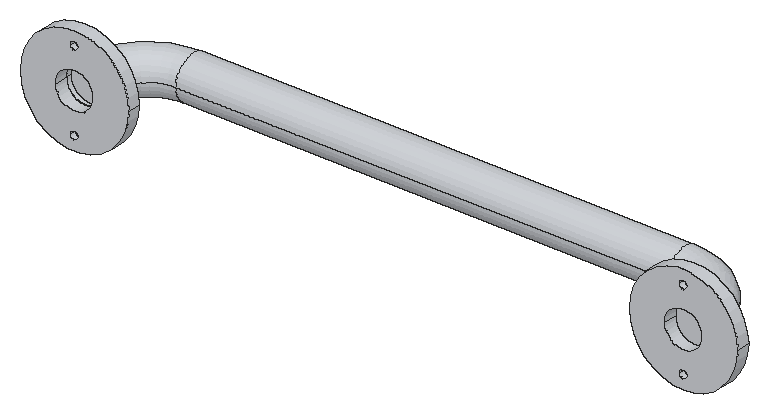
Revit family "AX8032X537_0006", category Appareils sanitaires, Revit 2016
Family settings
  Hôte = Mur
  Type d'élément = Normal
  Cote de connecteur circulaire = Utiliser le diamètre
  Numéro OmniClass = 23.75.00.00
  Titre OmniClass = Climate Control (HVAC)
  Toujours verticalement = Oui
  Couper avec des vides une fois chargée = Non
  Partagée = Non
  Point de calcul de pièce = Non
Parameters (values of type "Type 1")
  URL = "https://www.axeuro.com/fr/barres-de-securite-barres-d-appui/25489-barre-d-appui-ax8032x537.html?search_query=ax8032x537&results=1"
  Modèle = "AX8032X537"  # constant formula
  Matériaux = "En inox 304 (18/10) Bactériostatique"  # constant formula
  Finition = "\tBrossé Poli Satiné HyperPolish"  # constant formula
  Fabricant = "Axeuro"  # constant formula
  Description = "Barre de sécurité"  # constant formula
Reference planes
  plane 1 "Mur": y = 0
  plane 2 "Centre (gauche/droite)": x = 0
  plane 3 "Arrière": y = 75
Forms (mm)
  Extrusion 1, solid
    sketch origin (-38, 75, 0) x (-1, 0, 0) y (0, 0, -1)
      loop
        circle (190, -669.455) r 40.5
    from -10 to 0
  Sweep 2, solid
    path origin (384, -18.736, 669.511) x (1, 0, 0) y (0, 1, 0)
      loop
        line (-612, 103.736) -> (-612, 105.837)
        arc (-612, 105.837) -> (-599.142, 136.878) -> (-568.102, 149.735) r 43.898
        line (-568.102, 149.735) -> (-199.898, 149.735)
        arc (-199.898, 149.735) -> (-168.858, 136.878) -> (-156, 105.837) r 43.898
        line (-156, 105.837) -> (-156, 103.736)
    profile origin (0, 131, 669.511) x (0, 1, 0) y (0, 0, 1)
      loop
        circle (0, 0) r 16
  Extrusion 3, void
    sketch origin (78, 0, 0) x (1, 0, 0) y (0, 0, 1)
      loop
        circle (150, 669.455) r 14
    from -88.969 to -75
  Extrusion 4, void
    sketch origin (-78, 0, 0) x (-1, 0, 0) y (0, 0, -1)
      loop
        circle (150, -669.455) r 14
    from -88.969 to -75
  Extrusion 5, void
    sketch origin (-434.122, 0, 1337.127) x (1, 0, 0) y (0, 0, 1)
      loop
        circle (206.122, -697.622) r 3
    from -79.397 to -75
  Extrusion 6, void
    sketch origin (-434.122, 0, 1.883) x (1, 0, 0) y (0, 0, 1)
      loop
        circle (206.122, 697.622) r 3
    from -79.397 to -75
  Extrusion 7, void
    sketch origin (434.122, 0, 1337.127) x (-1, 0, 0) y (0, 0, -1)
      loop
        circle (206.122, 697.622) r 3
    from -79.397 to -75
  Extrusion 8, void
    sketch origin (434.122, 0, 1.883) x (-1, 0, 0) y (0, 0, -1)
      loop
        circle (206.122, -697.622) r 3
    from -79.397 to -75
  Extrusion 9, solid
    sketch origin (38, 75, 0) x (1, 0, 0) y (0, 0, 1)
      loop
        circle (190, 669.455) r 40.5
    from -10 to 0
Cuts and joins
  Extrusion 4 cuts Sweep 2
  Extrusion 4, Extrusion 5, Extrusion 6, Extrusion 7, Extrusion 8 cuts Extrusion 1
  Extrusion 3, Extrusion 7, Extrusion 8 cuts Extrusion 9
Text (mm)
  text "Côté de la mise en place" at (-1820.995, 1116.779, 0), in view "Niveau de réf."
  text "Côté de la mise en place" at (0, 1334.055, 2976.191), in view "Gauche"
  text "Côté de la mise en place" at (0, 439.194, 2944.362), in view "Droite"
Dimensions and locks
  locked: plane 3 "Arrière" to host wall
  aligned and locked: plane 1 "Mur" to host wall
